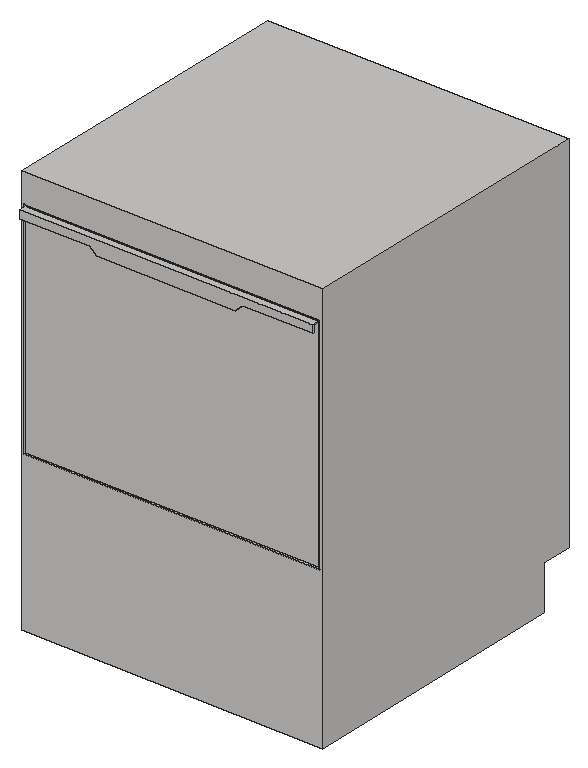
Revit family "QF_ELECTROLUXPROFESSIONAL_400213_EL3G", category Specialty Equipment, Revit 2018
Family settings
  Round Connector Dimension = Use Diameter
  Part Type = Normal
  Work Plane-Based = No
  Always vertical = Yes
  Cut with Voids When Loaded = No
  Shared = No
  Room Calculation Point = No
Parameters
  Weight = 60.00 kg
  Watts = 0 W
  Volts = 0 V
  URL Manufacturer = ""
  URL = "http://professional.electrolux.com/"
  Steam Supply Size = 0 mm
  Steam Supply Minimum Pressure = 0.0 Pa
  Steam Supply Maximum Pressure = 0.0 Pa
  Steam Pounds per Hour = 0
  Show Logo [instance] = yes
  Show Clearance [instance] = yes
  Refrigeration Suction Line Size = 0 mm
  Refrigeration Liquid Line Size = 0 mm
  Refrigerant Compressor Remote = yes
  Manufacturer = ""
  Phase = 0
  Model = ""
  Length Actual = 600 mm  # constant formula
  Item Number = ""
  Hot Water Size = 0 mm
  Height Actual = 820 mm  # constant formula
  HP = "7.2 HP"
  Gas Size = 0 mm
  Gas KW = 0
  Gas Input Pressure = 0 W
  Direct Waste Size = 20.5 mm
  Description = ""
  Depth Actual = 648 mm  # constant formula
  Cycle = 0 Hz
  Condensate Return Size = 0 mm
  Compressed Air Volume = 0.0 L/s
  Compressed Air Size = 0 mm
  Compressed Air Pressure = 0.0 Pa
  Cold Water Size = 0 mm
  Accessory = yes
Types (2, lengths in mm): name | Volts | URL Manufacturer | URL | Manufacturer | Phase | Model | Item Number | Hot Water Size | Description | Cycle
  (no name) | 0 V | "" | "http://professional.electrolux.com/" | "" | 0 | "" | "" | 0 | "" | 0 Hz
  Standard | 400 V | "http://professional.electrolux.com" | "http://professional.electrolux.com" | "Electrolux Professional" | 3 | "EL3G" | "400213" | 19.05 | "UNDERCOUNTER(L), 3PH, DRAIN PUMP, DETERGENT DISPENSER, 540D/H" | 50 Hz
Reference planes
  plane 1 "Center (Front/Back)": y = 0
  plane 2: z = 0
  plane 3 "Center (Left/Right)": x = 0
  plane 4 "LEFT": x = -300
  plane 5 "RIGHT": x = 300
  plane 6 "FRONT": y = -306
  plane 7 "BACK": y = 306
  plane 8: x = -202.5
  plane 9: x = 202.5
  plane 10: z = 830
  plane 11: z = 10
Forms (mm)
  Extrusion 1, solid, material "QF_Finishes_Stainless Steel"
    sketch origin (0, 0, 0) x (1, 0, 0) y (0, 1, 0)
      loop
        line (-300, -306) -> (300, -306) -> (300, 245) -> (-300, 245) -> (-300, -306)
    from 10 to 830
  Extrusion 2, solid, material "QF_Finishes_Stainless Steel"
    sketch origin (0, 0, 0) x (1, 0, 0) y (0, 1, 0)
      loop
        line (-300, 245) -> (300, 245) -> (300, 306) -> (-300, 306) -> (-300, 245)
    from 100 to 830
  Extrusion 3, solid, material "QF_Finishes_Stainless Steel"
    sketch origin (0, 17.5, 0) x (1, 0, 0) y (0, 1, 0)
      loop
        circle (-254, 167.5) r 12.5
      loop
        circle (254, 167.5) r 12.5
      loop
        circle (-254, -263.5) r 12.5
      loop
        circle (254, -263.5) r 12.5
    from 0 to 10
  Extrusion 4, void
    sketch origin (-300, -306, 0) x (-1, 0, 0) y (0, 0, 1)
      loop
        line (-5, 773.217) -> (-595, 773.217) -> (-595, 327.335) -> (-5, 327.335) -> (-5, 773.217)
    from 0 to 30
  Extrusion 5, solid, material "QF_Finishes_Stainless Steel"
    sketch origin (-259, -389, 768) x (0, 0, -1) y (1, 0, 0)
      loop
        circle (693, 143) r 10
    from -634 to -695
  Extrusion 6, solid, material "QF_Door-Drawer Clearances", visible <- "Show Clearance", detail levels coarse
    sketch origin (-230, -282.5, 0) x (0, 1, 0) y (0, 0, -1)
      loop
        line (-23.5, -330.419) -> (-391.5, -330.419)
        arc (-391.5, -330.419) -> (-290.693, -619.855) -> (-23.5, -770) r 432.894
        line (-23.5, -770) -> (-23.5, -330.419)
    from 61.197 to -521.306
  Extrusion 7, solid, material "QF_Finishes_Stainless Steel"
    sketch origin (-315.481, -389, 738) x (0, 0, -1) y (1, 0, 0)
      loop
        circle (663, 252.481) r 8
    from -634 to -695
  Extrusion 8, solid, material "QF_Finishes_Stainless Steel"
    sketch origin (-230, -282.5, 0) x (0, 1, 0) y (0, 0, -1)
      loop
        line (-23.5, -330.419) -> (-23.5, -770) -> (1.5, -770) -> (1.5, -330.419) -> (-23.5, -330.419)
    from 61.197 to -521.306
  Extrusion 9, solid, material "QF_Finishes_Stainless Steel"
    sketch origin (-230, -297.5, 0) x (0, 1, 0) y (0, 0, -1)
      loop
        line (-8.5, -770) -> (-8.5, -767.514) -> (-21, -767.514) -> (-21, -741.25) -> (-23.5, -741.25) -> (-23.5, -770) -> (-8.5, -770)
    from 61.197 to -521.306
  Extrusion 10, void
    sketch origin (-230, -321, 770) x (0, 0, 1) y (1, 0, 0)
      loop
        line (-15.552, -61.197) -> (-15.552, 77.909) -> (-28.75, 91.107) -> (-28.75, -61.197) -> (-15.552, -61.197)
      loop
        line (-15.552, 521.197) -> (-28.75, 521.197) -> (-28.75, 368.893) -> (-15.552, 382.091) -> (-15.552, 521.197)
    from 0 to 2.5
  Extrusion 11, solid, material "QF_Finishes_Stainless Steel"
    sketch origin (-295.988, 885.897, 763.79) x (0, -1, 0) y (1, 0, 0)
      loop
        circle (611.5, 158) r 8
    from -663.79 to -673.79
Cuts and joins
  Extrusion 4 cuts Extrusion 1
  joined: Extrusion 1, Extrusion 2
  Extrusion 10 cuts Extrusion 8
  Extrusion 10 cuts Extrusion 9
Lines and regions (mm)
  Split face 1
    outline origin (-300, -306, 830) x (0, 0, -1) y (1, 0, 0)
      loop
        line (21.579, 283.75) -> (39.683, 283.75) -> (39.683, 316.25) -> (21.579, 316.25) -> (21.579, 283.75)
  Split face 2
    outline origin (-300, -306, 830) x (0, 0, -1) y (1, 0, 0)
      loop
        line (56.783, 595) -> (56.783, 600)
      loop
        arc (56.783, 412.5) -> (28.391, 440.891) -> (0, 412.5) r 28.391
  symbolic lines
    curve 1: line (-300, 306, 0) -> (300, 306, 0)
    curve 2: line (-300, -306, 0) -> (-300, 306, 0)
    curve 3: line (300, -306, 0) -> (-300, -306, 0)
    curve 4: line (300, 306, 0) -> (300, -306, 0)
    curve 9: line (-291.197, -306, 0) -> (-291.197, -321, 0)
    curve 10: line (291.306, -321, 0) -> (291.306, -306, 0)
    curve 11: line (-291.197, -321, 0) -> (291.306, -321, 0)
  symbolic lines, style "QF_Door-Drawer Clearances"
    curve 5: line (-291.197, -674, 0) -> (291.306, -674, 0)
    curve 6: line (291.306, -674, 0) -> (291.306, -306, 0)
    curve 7: line (-291.197, -674, 0) -> (-291.197, -306, 0)
  symbolic lines, style "SpecialityEquipmentHiddenLines"
    curve 8: line (-300, 245, 0) -> (300, 245, 0)
Dimensions and locks
  equal spacing: plane 4 "LEFT", plane 3 "Center (Left/Right)", plane 5 "RIGHT"
  equal spacing: plane 7 "BACK", plane 1 "Center (Front/Back)", plane 6 "FRONT"
  plane 7 "BACK" to plane 6 "FRONT" = 612 mm
  plane 4 "LEFT" to plane 5 "RIGHT" = 600 mm
  plane 4 "LEFT" to plane 8 = 97.5 mm
  plane 9 to plane 5 "RIGHT" = 97.5 mm
  plane 11 to level = 10 mm
  plane 4 "LEFT" to plane 3 "Center (Left/Right)" = 300 mm
  plane 10 to level = 830 mm  (x2)
  plane 8 to plane 9 = 405 mm
  Extrusion 11 sketch curve to plane 4 "LEFT" = 162.012 mm
  level to Extrusion 5 sketch curve = 75 mm
  Extrusion 5 sketch curve to plane 4 "LEFT" = 184 mm
  Extrusion 7 sketch curve to plane 4 "LEFT" = 237 mm
  level to Extrusion 7 sketch curve = 75 mm
  Extrusion 3 to cut or joined group of Extrusion 1, Extrusion 2, Extrusion 4 = 121 mm
  Extrusion 3 to Extrusion 3 = 431 mm
  plane 6 "FRONT" to Extrusion 3 = 60 mm
  plane 9 to plane 8 = 405 mm
  plane 7 "BACK" to curve 5 = 980 mm
  cut or joined group of Extrusion 1, Extrusion 2, Extrusion 4 to level = 327.335 mm
  aligned and locked: level to plane 2
  aligned and locked: Extrusion 1 sketch curve to plane 6 "FRONT"
  aligned and locked: Extrusion 1 sketch curve to plane 4 "LEFT"
  aligned and locked: plane 5 "RIGHT" to Extrusion 1 sketch curve
  aligned and locked: Extrusion 1 to plane 11
  aligned and locked: Extrusion 2 sketch curve to Extrusion 1
  aligned and locked: plane 5 "RIGHT" to Extrusion 2 sketch curve
  aligned and locked: plane 11 to Extrusion 3
  aligned and locked: cut or joined group of Extrusion 9, Extrusion 10 to Extrusion 10
Automatic sketch dimensions
  Extrusion 1 sketch curve to plane 7 "BACK" = 61 mm
  Extrusion 3 sketch curve to plane 8 = 51.5 mm  (x2)
  plane 9 to Extrusion 3 sketch curve = 51.5 mm  (x2)
  plane 6 "FRONT" to Extrusion 3 sketch curve = 60 mm  (x2)
  Extrusion 3 sketch curve to plane 7 "BACK" = 121 mm  (x2)
  Extrusion 4 sketch curve to Extrusion 1 = 5 mm  (x2)
  Extrusion 4 sketch curve to Extrusion 1 = 317.335 mm
  Extrusion 4 sketch curve to Extrusion 1 = 56.783 mm
  plane 6 "FRONT" to Extrusion 8 sketch curve = 0 mm
  Extrusion 8 sketch curve to Extrusion 8 sketch curve = 25 mm
  Extrusion 9 sketch curve to plane 6 "FRONT" = 15 mm
  Extrusion 9 sketch curve to Extrusion 9 sketch curve = 2.5 mm
  Extrusion 9 sketch curve to Extrusion 9 sketch curve = 12.5 mm
  Extrusion 9 sketch curve to plane 10 = 60 mm
  Extrusion 9 sketch curve to Extrusion 9 sketch curve = 2.486 mm
  Extrusion 9 sketch curve to Extrusion 9 sketch curve = 26.264 mm
  Extrusion 2 sketch curve to Extrusion 2 sketch curve = 61 mm
  Split face 1 sketch curve to cut or joined group of Extrusion 1, Extrusion 2, Extrusion 4 = 21.579 mm
  Split face 1 sketch curve to Split face 1 sketch curve = 18.104 mm
  Split face 1 sketch curve to cut or joined group of Extrusion 1, Extrusion 2, Extrusion 4 = 278.75 mm
  Split face 1 sketch curve to Split face 1 sketch curve = 32.5 mm
  plane 11 to Extrusion 8 sketch curve = 320.419 mm
  Extrusion 8 sketch curve to plane 10 = 60 mm
  Extrusion 10 sketch curve to Extrusion 9 = 0 mm  (x2)
  Extrusion 9 to Extrusion 10 sketch curve = 0 mm
  Extrusion 10 sketch curve to Extrusion 9 = 13.198 mm  (x2)
  Extrusion 10 sketch curve to Extrusion 9 = 139.107 mm
  Extrusion 10 sketch curve to Extrusion 10 sketch curve = 13.198 mm  (x2)
  Extrusion 10 sketch curve to Extrusion 9 = 152.413 mm
  Extrusion 10 sketch curve to Extrusion 9 = 0.109 mm
  curve 3 to plane 4 "LEFT" = 0 mm
  curve 7 to plane 6 "FRONT" = 0 mm
  curve 4 to plane 5 "RIGHT" = 0 mm
  curve 2 to plane 7 "BACK" = 0 mm
  plane 4 "LEFT" to curve 5 = 8.803 mm
  curve 5 to plane 5 "RIGHT" = 8.694 mm
  plane 4 "LEFT" to curve 11 = 8.803 mm
  curve 10 to plane 5 "RIGHT" = 8.694 mm
  curve 11 to plane 6 "FRONT" = 15 mm
  curve 8 to plane 7 "BACK" = 61 mm
  Extrusion 2 sketch curve to plane 7 "BACK" = 0 mm
  Split face 2 sketch curve to cut or joined group of Extrusion 1, Extrusion 2, Extrusion 4 = 0 mm  (x5)
  Split face 2 sketch curve to cut or joined group of Extrusion 1, Extrusion 2, Extrusion 4 = 182.5 mm
  Extrusion 11 sketch curve to plane 7 "BACK" = 31.603 mm
  Extrusion 6 sketch curve to plane 6 "FRONT" = 0 mm
  plane 6 "FRONT" to Extrusion 6 sketch curve = 64.74 mm
  plane 11 to Extrusion 6 sketch curve = 331.974 mm
  Extrusion 6 sketch curve to Extrusion 6 sketch curve = 11.555 mm
  Extrusion 6 sketch curve to plane 6 "FRONT" = 368 mm
  radius of Extrusion 5 sketch curve = 10 mm
  radius of Extrusion 7 sketch curve = 8 mm
  radius of Extrusion 3 sketch curve = 12.5 mm  (x4)
  radius of Extrusion 11 sketch curve = 8 mm
Connectors
  piping at (-116, 306, 75), diameter 20
    settings: on Extrusion 5, index 1, connector inside diameter 609.6 mm, connector length 0 mm, flow factor 0, pipe flow 0.0 L/s, pressure drop 0.0 Pa, fitting loss kfactor 0, connector angle 0.00°, fixture units 0, engagement length 0 mm, angle of deflection 0.00°, flow configuration 1, flow direction 1, fitting loss method 0, system type 16, joint type 0, gender type 0, connector reference index -1, connector utility 0, adjustable connector no, is connector primary yes, connector description "Drain"
  piping at (-63, 306, 75), diameter 16
    settings: on Extrusion 7, index 3, connector inside diameter 609.6 mm, connector length 0 mm, flow factor 0, pipe flow 0.0 L/s, pressure drop 0.0 Pa, fitting loss kfactor 0, connector angle 0.00°, fixture units 0, engagement length 0 mm, angle of deflection 0.00°, flow configuration 1, flow direction 1, fitting loss method 0, system type 20, joint type 0, gender type 0, connector reference index -1, connector utility 0, adjustable connector no, is connector primary no, connector description "Cold Water Inlet"
  electrical at (-137.988, 274.397, 90), driven by "Volts"
    settings: on Extrusion 11, index 4, voltage 0 V, apparent load 0 VA, apparent load phase1 0 VA, apparent load phase2 0 VA, apparent load phase3 0 VA, power factor 1, load classification "Altro", number of poles 1, system type 31, power factor state 1, is connector primary yes, connector utility no, sub classification motor no, connector description "Electrical Connection"
